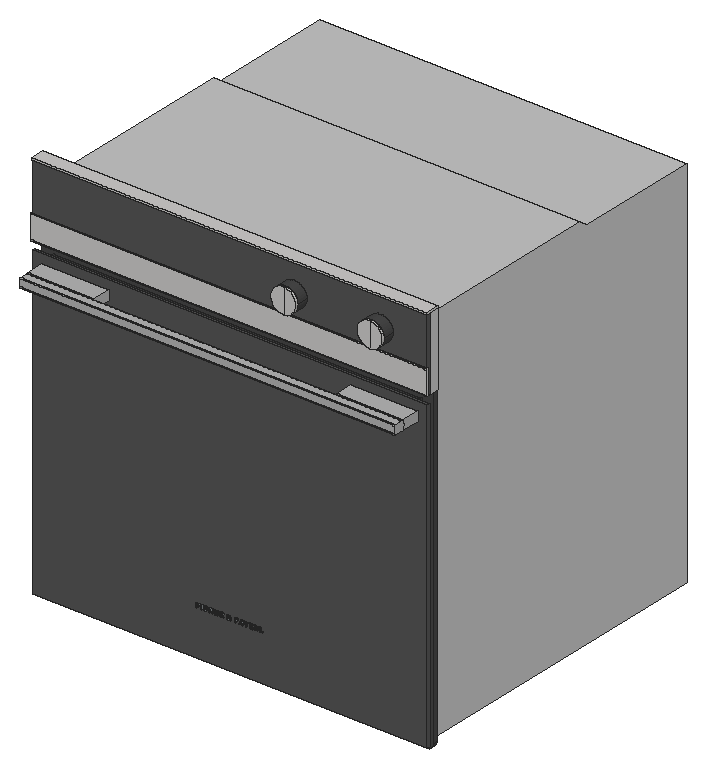
Revit family "FP-Revit18-OB60SC5CEX3-Oven-0-AU-NZ-90002660A", category Specialty Equipment, Revit 2018
Family settings
  Round Connector Dimension = Use Diameter
  Part Type = Normal
  OmniClass Number = 23.40.40.14.17.11
  OmniClass Title = Cookers, Ovens, Stoves
  Work Plane-Based = No
  Always vertical = Yes
  Cut with Voids When Loaded = Yes
  Shared = No
  Room Calculation Point = No
Parameters (values of type "OB60SC5CEX3")
  Visibility - Clearance Required = yes
  URL = "www.fisherpaykel.com"
  Product - Width = 597 mm  # constant formula
  Product - Height = 598 mm  # constant formula
  Product - Depth = 565 mm  # constant formula
  Model = "OB60SC5CEX3"
  Material - Trim = Fisher & Paykel - Stainless Steel
  Material - Structure = Fisher & Paykel - Black
  Material - Logo = Fisher & Paykel - Graphics Grey
  Material - Handle = Fisher & Paykel - Aluminium
  Material - Glass = Fisher & Paykel - Glass, Black
  Material - Buttons and Dials = Fisher & Paykel - Stainless Steel
  Material - Body = Fisher & Paykel - Grey
  Manufacturer = "Fisher & Paykel Appliances"
  FFL Offset [instance] = 200 mm
  Description = "60cm Built-In Oven"
  Connector Note - Electrical = "220-240 V, 12.3-13.3 A, 50 Hz"
  Chassis - Width = 552 mm  # constant formula
  Chassis - Height = 575 mm  # constant formula
  Chassis - Depth = 545 mm  # constant formula
  Cavity - Width = 560 mm  # constant formula
  Cavity - Height = 580 mm  # constant formula
  Cavity - Depth = 550 mm  # constant formula
Reference planes
  plane 1 "Datum": y = 0
  plane 2: z = 0
  plane 3 "Center (Left/Right)": x = 0
  plane 4 "Cavity": z = 780
  plane 5 "Product Height": z = 798
  plane 6 "Product LHS": x = -298.5
  plane 7 "Product RHS": x = 298.5
  plane 8 "Cavity LHS": x = -300
  plane 9 "Cavity RHS": x = 300
  plane 10 "Cavity - Depth": y = 550
  plane 11 "Product Depth": y = 545
  plane 12 "Front Face": y = -20
  plane 13 "FFL Offset": z = 200
  plane 14 "Cavity Height": z = 800
Forms (mm)
  Extrusion 1, solid, material "Fisher & Paykel - Grey" <- "Material - Body"
    sketch origin (0, 0, 0) x (0, 1, 0) y (0, 0, 1)
      loop
        line (0, 200) -> (525, 200) -> (525, 393.99) -> (545, 413.99) -> (545, 609.73) -> (495, 659.73) -> (495, 764.6) -> (307.721, 764.6) -> (293.958, 775) -> (0, 775) -> (0, 200)
    from -276 to 276
  Extrusion 2, void
    sketch origin (0, 0, 0) x (1, 0, 0) y (0, 1, 0)
      loop
        line (-278.5, 495) -> (-229.63, 495) -> (-179.63, 545) -> (-278.5, 545) -> (-278.5, 495)
      loop
        line (278.5, 495) -> (278.5, 545) -> (94.617, 545) -> (114.617, 525) -> (199.13, 525) -> (229.13, 495) -> (278.5, 495)
    from 200 to 764.6
  Extrusion 3, solid, material "Fisher & Paykel - Stainless Steel" <- "Material - Trim"
    sketch origin (0, 0, 0) x (0, 1, 0) y (0, 0, 1)
      loop
        line (0, 798) -> (-20.5, 798) -> (-20.5, 795.1) -> (0, 795.1) -> (0, 798)
    from -297.35 to 297.35
  Extrusion 4, solid, material "Fisher & Paykel - Grey" <- "Material - Body"
    sketch origin (0, 0, 0) x (0, 1, 0) y (0, 0, 1)
      loop
        line (-16, 795.1) -> (-16, 685.199) -> (0, 685.199) -> (0, 795.1) -> (-16, 795.1)
    from -297.35 to 297.35
  Extrusion 5, solid, material "Fisher & Paykel - Glass, Black" <- "Material - Glass"
    sketch origin (0, 0, 0) x (1, 0, 0) y (0, 0, 1)
      loop
        line (-297.25, 673.199) -> (-297.25, 210.2) -> (297.25, 210.2) -> (297.25, 673.199) -> (-297.25, 673.199)
      loop
        line (-297.35, 686.052) -> (297.35, 686.052) -> (297.35, 794.5) -> (-297.35, 794.5) -> (-297.35, 686.052)
    from 16 to 20
  Extrusion 6, solid, material "Fisher & Paykel - Black" <- "Material - Structure"
    sketch origin (0, 0, 0) x (0, 1, 0) y (0, 0, 1)
      loop
        line (-13.8, 671.699) -> (-16, 671.699) -> (-16, 212.7) -> (-5, 212.7) -> (-5, 668.496) -> (-13.8, 671.699)
    from -277 to 277
  Extrusion 7, solid, material "Fisher & Paykel - Black" <- "Material - Structure"
    sketch origin (0, 0, 0) x (1, 0, 0) y (0, 0, 1)
      loop
        line (-295.5, 685.199) -> (-295.5, 209.536)
        arc (-295.5, 209.536) -> (-292.707, 202.793) -> (-285.964, 200) r 9.536
        line (-285.964, 200) -> (286, 200)
        arc (286, 200) -> (292.718, 202.782) -> (295.5, 209.5) r 9.5
        line (295.5, 209.5) -> (295.5, 685.199) -> (-295.5, 685.199)
    from 0 to 5
  Extrusion 8, solid, material "Fisher & Paykel - Clearance Required", visible <- "Visibility - Clearance Required", detail levels coarse
    sketch origin (0, 0, 0) x (0, 1, 0) y (0, 0, 1)
      loop
        line (0, 800) -> (-20, 800) -> (-20, 673.254)
        arc (-20, 673.254) -> (-320.822, 551.394) -> (-469.99, 263.137) r 467.908
        line (-469.99, 263.137) -> (-462.266, 262.194) -> (-467.348, 220.567) -> (-449.569, 218.396) -> (-444.479, 260.086) -> (-20, 208.26) -> (-20, 200) -> (0, 200) -> (0, 800)
    from -300 to 300
  Extrusion 9, solid, material "Fisher & Paykel - Clearance Required", visible <- "Visibility - Clearance Required", detail levels coarse
    sketch origin (0, 0, 0) x (1, 0, 0) y (0, 1, 0)
      loop
        line (-280, 0) -> (280, 0) -> (280, 550) -> (-280, 550) -> (-280, 0)
    from 200 to 780
  Extrusion 10, void
    sketch origin (0, 0, 0) x (1, 0, 0) y (0, 1, 0)
      loop
        line (-300, -20) -> (300, -20) -> (300, 0) -> (-300, 0) -> (-300, -20)
    from 200 to 800
  Extrusion 11, solid, material "Fisher & Paykel - Stainless Steel" <- "Material - Trim", detail levels fine
    sketch origin (0, 0, 0) x (0, 1, 0) y (0, 0, 1)
      loop
        line (-22.25, 722.193) -> (-22.25, 687.281)
        arc (-22.25, 687.281) -> (-21.89, 686.412) -> (-21.021, 686.052) r 1.229
        line (-21.021, 686.052) -> (-20, 686.052) -> (-20, 723.356) -> (-21.087, 723.356)
        arc (-21.087, 723.356) -> (-21.909, 723.015) -> (-22.25, 722.193) r 1.163
    from -298.5 to 298.5
  Extrusion 12, void
    sketch origin (0, 0, 0) x (1, 0, 0) y (0, 1, 0)
      loop
        line (-280, 550) -> (-280, 0) -> (280, 0) -> (280, 550) -> (-280, 550)
    from 200 to 780
  Extrusion 13, solid, material "Fisher & Paykel - Black"
    sketch origin (0, 0, 0) x (1, 0, 0) y (0, 0, 1)
      loop
        circle (226.999, 752.449) r 18.791
      loop
        circle (97, 752.449) r 18.791
    from 20 to 37.3
  Revolve 14, solid, material "Fisher & Paykel - Stainless Steel" <- "Material - Buttons and Dials", detail levels fine
    sketch origin (97, 0, 0) x (0, 1, 0) y (0, 0, 1)
      loop
        line (-40.3, 752.449) -> (-37.3, 752.449) -> (-37.3, 771.24) -> (-40.3, 771.24) -> (-40.3, 752.449)
      axis (-37.3, 752.449) -> (-40.3, 752.449)
    angle from 0 to 360
  Revolve 15, solid, material "Fisher & Paykel - Stainless Steel" <- "Material - Buttons and Dials", detail levels fine
    sketch origin (226.999, 0, 0) x (0, 1, 0) y (0, 0, 1)
      loop
        line (-40.3, 752.449) -> (-37.3, 752.449) -> (-37.3, 771.24) -> (-40.3, 771.24) -> (-40.3, 752.449)
      axis (-37.3, 752.449) -> (-40.3, 752.449)
    angle from 0 to 360
  Extrusion 16, solid, material "Fisher & Paykel - Aluminium" <- "Material - Handle", detail levels fine
    sketch origin (0, -21, 652.521) x (0, 1, 0) y (0, 0, 1)
      loop
        arc (-26.813, 6.16) -> (-27.196, 6.554) -> (-27.728, 6.686) r 1
        line (-27.728, 6.686) -> (-40.035, 6.256)
        arc (-40.035, 6.256) -> (-40.719, 5.951) -> (-41, 5.257) r 1
        line (-41, 5.257) -> (-41, -5.257)
        arc (-41, -5.257) -> (-40.719, -5.951) -> (-40.035, -6.256) r 1
        line (-40.035, -6.256) -> (-27.709, -6.686)
        arc (-27.709, -6.686) -> (-27.175, -6.554) -> (-26.792, -6.158) r 1
        arc (-26.792, -6.158) -> (-25.256, 0.004) -> (-26.813, 6.16) r 13.038
    from -282.5 to 282.5
  Extrusion 17, solid, material "Fisher & Paykel - Aluminium" <- "Material - Handle", detail levels fine
    sketch origin (0, -21, 652.521) x (0, 1, 0) y (0, 0, 1)
      loop
        arc (-26.626, -6.008) -> (-26.614, -6.49) -> (-26.2, -6.737) r 0.5
        line (-26.2, -6.737) -> (1, -7.732) -> (1, 7.741) -> (-26.174, 6.747)
        arc (-26.174, 6.747) -> (-26.587, 6.5) -> (-26.6, 6.019) r 0.5
        arc (-26.6, 6.019) -> (-25.156, 0.002) -> (-26.626, -6.008) r 13.136
    from 182.5 to 282.5
  Extrusion 18, solid, material "Fisher & Paykel - Aluminium" <- "Material - Handle", detail levels coarse+medium
    sketch origin (0, -21, 652.521) x (1, 0, 0) y (0, 1, 0)
      loop
        line (-282.5, -41) -> (282.5, -41) -> (282.5, 1) -> (182.5, 1) -> (182.5, -26.156) -> (-182.5, -26.156) -> (-182.5, 1) -> (-282.5, 1) -> (-282.5, -41)
    from -8.022 to 7.978
  Extrusion 19, solid, material "Fisher & Paykel - Aluminium" <- "Material - Handle", detail levels fine
    sketch origin (0, -21, 652.521) x (0, 1, 0) y (0, 0, 1)
      loop
        arc (-26.626, -6.008) -> (-26.614, -6.49) -> (-26.2, -6.737) r 0.5
        line (-26.2, -6.737) -> (1, -7.732) -> (1, 7.741) -> (-26.174, 6.747)
        arc (-26.174, 6.747) -> (-26.587, 6.5) -> (-26.6, 6.019) r 0.5
        arc (-26.6, 6.019) -> (-25.156, 0.002) -> (-26.626, -6.008) r 13.136
    from -282.5 to -182.5
  Extrusion 20, solid, material "Fisher & Paykel - Aluminium" <- "Material - Handle", not visible, detail levels fine
    sketch origin (0, -22, 652) x (0, 1, 0) y (0, 0, 1)
      loop
        arc (-26.813, 6.16) -> (-27.196, 6.554) -> (-27.728, 6.686) r 1
        line (-27.728, 6.686) -> (-40.035, 6.256)
        arc (-40.035, 6.256) -> (-40.719, 5.951) -> (-41, 5.257) r 1
        line (-41, 5.257) -> (-41, -5.257)
        arc (-41, -5.257) -> (-40.719, -5.951) -> (-40.035, -6.256) r 1
        line (-40.035, -6.256) -> (-27.709, -6.686)
        arc (-27.709, -6.686) -> (-27.175, -6.554) -> (-26.792, -6.158) r 1
        arc (-26.792, -6.158) -> (-25.256, 0.004) -> (-26.813, 6.16) r 13.038
    from -282.5 to 282.5
  Extrusion 21, solid, material "Fisher & Paykel - Aluminium" <- "Material - Handle", not visible, detail levels fine
    sketch origin (0, -22, 652) x (0, 1, 0) y (0, 0, 1)
      loop
        arc (-26.626, -6.008) -> (-26.614, -6.49) -> (-26.2, -6.737) r 0.5
        line (-26.2, -6.737) -> (1, -7.732) -> (1, 7.741) -> (-26.174, 6.747)
        arc (-26.174, 6.747) -> (-26.587, 6.5) -> (-26.6, 6.019) r 0.5
        arc (-26.6, 6.019) -> (-25.156, 0.002) -> (-26.626, -6.008) r 13.136
    from 182.5 to 282.5
  Extrusion 22, solid, material "Fisher & Paykel - Aluminium" <- "Material - Handle", not visible, detail levels coarse+medium
    sketch origin (0, -22, 652) x (1, 0, 0) y (0, 1, 0)
      loop
        line (-282.5, -41) -> (282.5, -41) -> (282.5, 1) -> (182.5, 1) -> (182.5, -26.156) -> (-182.5, -26.156) -> (-182.5, 1) -> (-282.5, 1) -> (-282.5, -41)
    from -8.022 to 7.978
  Extrusion 23, solid, material "Fisher & Paykel - Aluminium" <- "Material - Handle", not visible, detail levels fine
    sketch origin (0, -22, 652) x (0, 1, 0) y (0, 0, 1)
      loop
        arc (-26.626, -6.008) -> (-26.614, -6.49) -> (-26.2, -6.737) r 0.5
        line (-26.2, -6.737) -> (1, -7.732) -> (1, 7.741) -> (-26.174, 6.747)
        arc (-26.174, 6.747) -> (-26.587, 6.5) -> (-26.6, 6.019) r 0.5
        arc (-26.6, 6.019) -> (-25.156, 0.002) -> (-26.626, -6.008) r 13.136
    from -282.5 to -182.5
  Extrusion 24, solid, material "Fisher & Paykel - Graphics Grey" <- "Material - Logo", detail levels fine
    sketch origin (0, -20, 278.956) x (1, 0, 0) y (0, 0, 1)
      loop
        line (-50.044, 0) -> (-48.47, 0) -> (-48.47, 2.138) -> (-46.011, 2.138) -> (-46.011, 3.472) -> (-48.47, 3.472) -> (-48.47, 4.712) -> (-45.795, 4.712) -> (-45.795, 6.04) -> (-50.044, 6.04) -> (-50.044, 0)
      loop
        line (-42.804, 6.04) -> (-42.804, 0) -> (-41.23, 0) -> (-41.23, 6.04) -> (-42.804, 6.04)
      loop
        line (-30.724, 6.04) -> (-30.724, 0) -> (-29.151, 0) -> (-29.151, 2.42) -> (-26.839, 2.42) -> (-26.839, 0) -> (-25.265, 0) -> (-25.265, 6.04) -> (-26.839, 6.04) -> (-26.839, 3.748) -> (-29.151, 3.748) -> (-29.151, 6.04) -> (-30.724, 6.04)
      loop
        line (-21.906, 6.04) -> (-21.906, 0) -> (-17.602, 0) -> (-17.602, 1.328) -> (-20.347, 1.328) -> (-20.347, 2.42) -> (-17.838, 2.42) -> (-17.838, 3.748) -> (-20.347, 3.748) -> (-20.347, 4.712) -> (-17.602, 4.712) -> (-17.602, 6.04) -> (-21.906, 6.04)
      loop
        line (45.667, 6.04) -> (45.667, 0) -> (49.956, 0) -> (49.956, 1.328) -> (47.241, 1.328) -> (47.241, 6.04) -> (45.667, 6.04)
      loop
        line (42.431, 6.04) -> (38.112, 6.04) -> (38.112, 0) -> (42.431, 0) -> (42.431, 1.328) -> (39.687, 1.328) -> (39.687, 2.42) -> (42.195, 2.42) -> (42.195, 3.748) -> (39.687, 3.748) -> (39.687, 4.712) -> (42.431, 4.712) -> (42.431, 6.04)
      loop
        line (33.451, 3.148) -> (35.683, 6.04) -> (33.844, 6.04) -> (31.915, 3.542) -> (31.915, 6.04) -> (30.342, 6.04) -> (30.342, 0) -> (31.915, 0) -> (31.915, 2.705) -> (33.903, 0) -> (35.763, 0) -> (33.451, 3.148)
      loop
        line (21.98, 6.04) -> (24.262, 2.42) -> (24.262, 0) -> (25.837, 0) -> (25.837, 2.341) -> (28.119, 6.04) -> (26.446, 6.04) -> (25.099, 3.707) -> (23.753, 6.04) -> (21.98, 6.04)
      loop
        line (18.479, 6.04) -> (16.983, 6.04) -> (14.524, 0) -> (16.069, 0) -> (16.501, 1.112) -> (18.921, 1.112) -> (19.354, 0) -> (20.938, 0) -> (18.479, 6.04)
      loop
        line (18.4, 2.439) -> (17.693, 4.174) -> (17.018, 2.439) -> (18.4, 2.439)
      loop
        line (8.031, 6.04) -> (8.031, 0) -> (9.605, 0) -> (9.605, 1.938) -> (10.599, 1.938)
        arc (10.599, 1.938) -> (12.65, 3.989) -> (10.599, 6.04) r 2.051
        line (10.599, 6.04) -> (8.031, 6.04)
      loop
        line (9.605, 4.712) -> (9.605, 3.197) -> (10.501, 3.197)
        arc (10.501, 3.197) -> (11.259, 3.954) -> (10.501, 4.712) r 0.757
        line (10.501, 4.712) -> (9.605, 4.712)
      loop
        line (-11.783, 6.04) -> (-14.366, 6.04) -> (-14.366, 0) -> (-12.792, 0) -> (-12.792, 1.336) -> (-11.992, 1.336) -> (-10.972, 0) -> (-9.153, 0) -> (-10.694, 1.973)
        arc (-10.694, 1.973) -> (-9.678, 4.424) -> (-11.783, 6.04) r 2.179
      loop
        line (-11.897, 4.712) -> (-12.792, 4.712) -> (-12.792, 3.053) -> (-11.897, 3.053)
        arc (-11.897, 3.053) -> (-11.068, 3.882) -> (-11.897, 4.712) r 0.83
      loop
        line (0.477, 4.712) -> (0.477, 6.153) -> (-3.575, 6.153) -> (-3.575, 4.851) -> (-2.974, 4.112)
        arc (-2.974, 4.112) -> (-3.51, 0.684) -> (-0.045, 0.512) r 2.334
        line (-0.045, 0.512) -> (0.46, -0.109) -> (2.246, -0.109) -> (0.86, 1.594) -> (2.061, 3.324) -> (0.443, 3.324) -> (-0.013, 2.667) -> (-1.677, 4.712) -> (0.477, 4.712)
      loop
        arc (-2.125, 3.068) -> (-2.269, 1.668) -> (-0.868, 1.524) r 0.996
        line (-0.868, 1.524) -> (-2.125, 3.068)
      loop
        line (-35.18, 3.634) -> (-36.516, 3.91)
        arc (-36.516, 3.91) -> (-37.049, 4.443) -> (-36.516, 4.976) r 0.533
        arc (-36.516, 4.976) -> (-35.235, 4.79) -> (-34.059, 4.248) r 4.505
        line (-34.059, 4.248) -> (-34.059, 5.743)
        arc (-34.059, 5.743) -> (-35.549, 6.179) -> (-37.1, 6.109) r 4.726
        arc (-37.1, 6.109) -> (-38.536, 4.335) -> (-37.1, 2.561) r 1.814
        line (-37.1, 2.561) -> (-35.754, 2.282)
        arc (-35.754, 2.282) -> (-35.221, 1.749) -> (-35.754, 1.216) r 0.533
        arc (-35.754, 1.216) -> (-37.035, 1.402) -> (-38.211, 1.945) r 4.505
        line (-38.211, 1.945) -> (-38.211, 0.449)
        arc (-38.211, 0.449) -> (-36.72, 0.013) -> (-35.169, 0.083) r 4.726
        arc (-35.169, 0.083) -> (-33.734, 1.863) -> (-35.18, 3.634) r 1.814
    from 0 to 0.8
  Extrusion 25, solid, material "Fisher & Paykel - Grey" <- "Material - Body"
    sketch origin (154.861, 0, 0) x (0, 1, 0) y (0, 0, 1)
      loop
        circle (504.5, 703) r 4
    from -410 to -372.861
  Extrusion 26, solid, material "Fisher & Paykel - Grey" <- "Material - Body"
    sketch origin (154.861, 0, 0) x (0, 1, 0) y (0, 0, 1)
      loop
        line (495, 683) -> (514, 683) -> (514, 736) -> (495, 736) -> (495, 683)
    from -372.861 to -289.861
Cuts and joins
  Extrusion 2 cuts Extrusion 1
Lines and regions (mm)
  model lines, style "Fisher & Paykel"
    curve 1: line (217.5, -20, 334) -> (-217.5, -20, 334)
    curve 2: line (217.5, -20, 617.236) -> (217.5, -20, 334)
    curve 3: line (-217.5, -20, 617.236) -> (217.5, -20, 617.236)
    curve 4: line (-217.5, -20, 334) -> (-217.5, -20, 617.236)
Text (mm)
  text "Due to ongoing product development, product details are subject to change without notice. \nPlease always refer to www.fisherpaykel.com for the most current product information. \n© Fisher & Paykel 2020" at (40.64, -604.808, 0), in view "Ref. Level (Plan)"
Dimensions and locks
  equal spacing: plane 6 "Product LHS", plane 3 "Center (Left/Right)", plane 7 "Product RHS"
  "Product - Width": plane 6 "Product LHS" to plane 7 "Product RHS"
  equal spacing: plane 8 "Cavity LHS", plane 3 "Center (Left/Right)", plane 9 "Cavity RHS"
  "Cavity - Depth": plane 10 "Cavity - Depth" to plane 1 "Datum"
  "Chassis - Depth": plane 11 "Product Depth" to plane 1 "Datum"
  plane 12 "Front Face" to plane 1 "Datum" = 20 mm
  "Product - Depth": plane 11 "Product Depth" to plane 12 "Front Face"
  "FFL Offset": plane 13 "FFL Offset" to level
  "Product - Height": plane 5 "Product Height" to plane 13 "FFL Offset"
  "Cavity - Height": plane 4 "Cavity" to plane 13 "FFL Offset"
  Extrusion 5 to plane 13 "FFL Offset" = 10.2 mm
  Extrusion 6 to plane 13 "FFL Offset" = 12.7 mm
  locked: plane 5 "Product Height" to cut or joined group of Extrusion 1, Extrusion 2 at 33.4
  locked: Extrusion 8 sketch curve to plane 13 "FFL Offset" at 473.254
  locked: Extrusion 8 sketch curve to Extrusion 8 sketch curve at 42
  locked: Extrusion 8 sketch curve to Extrusion 8 sketch curve at 427.631
  locked: plane 14 "Cavity Height" to plane 13 "FFL Offset" at 600
  locked: Extrusion 18 to plane 13 "FFL Offset" at 460.499
  locked: Extrusion 24 to plane 13 "FFL Offset" at 78.847
  equal spacing: Extrusion 9, plane 3 "Center (Left/Right)", Extrusion 9
  "Cavity - Width": Extrusion 9 to Extrusion 9
  equal spacing: cut or joined group of Extrusion 1, Extrusion 2, plane 3 "Center (Left/Right)", cut or joined group of Extrusion 1, Extrusion 2
  "Chassis - Width": cut or joined group of Extrusion 1, Extrusion 2 to cut or joined group of Extrusion 1, Extrusion 2
  aligned and locked: level to plane 2
  aligned and locked: plane 8 "Cavity LHS" to Extrusion 8
  aligned and locked: Extrusion 8 to plane 9 "Cavity RHS"
  aligned and locked: Extrusion 1 sketch curve to plane 13 "FFL Offset"
  aligned and locked: Extrusion 1 to Extrusion 2
  aligned and locked: Extrusion 2 to Extrusion 1
  aligned and locked: plane 13 "FFL Offset" to Extrusion 8 sketch curve
  aligned and locked: plane 13 "FFL Offset" to Extrusion 7 sketch curve
  aligned and locked: Extrusion 12 to cut or joined group of Extrusion 1, Extrusion 2
  aligned and locked: plane 4 "Cavity" to Extrusion 12
  aligned and locked: plane 4 "Cavity" to Extrusion 9
  aligned and locked: Extrusion 9 to cut or joined group of Extrusion 1, Extrusion 2
  aligned and locked: Extrusion 10 to cut or joined group of Extrusion 1, Extrusion 2
  aligned and locked: Extrusion 10 to Extrusion 7
  aligned and locked: Extrusion 10 to Extrusion 8
  aligned and locked: plane 14 "Cavity Height" to Extrusion 10
  aligned and locked: Extrusion 12 to Extrusion 9  (x2)
Automatic sketch dimensions
  Extrusion 1 sketch curve to plane 1 "Datum" = 0 mm
  Extrusion 1 sketch curve to plane 11 "Product Depth" = 0 mm
  Extrusion 1 sketch curve to plane 4 "Cavity" = 5 mm
  Extrusion 1 sketch curve to plane 11 "Product Depth" = 251.042 mm
  Extrusion 1 sketch curve to Extrusion 1 sketch curve = 13.762 mm
  Extrusion 1 sketch curve to plane 4 "Cavity" = 15.4 mm
  Extrusion 1 sketch curve to plane 11 "Product Depth" = 50 mm
  Extrusion 1 sketch curve to plane 11 "Product Depth" = 20 mm
  Extrusion 1 sketch curve to Extrusion 1 sketch curve = 193.99 mm
  Extrusion 1 sketch curve to Extrusion 1 sketch curve = 20 mm
  Extrusion 1 sketch curve to Extrusion 1 sketch curve = 154.87 mm
  Extrusion 1 sketch curve to Extrusion 1 sketch curve = 50 mm
  Extrusion 2 sketch curve to plane 11 "Product Depth" = 0 mm  (x2)
  Extrusion 2 sketch curve to plane 6 "Product LHS" = 20 mm
  Extrusion 2 sketch curve to Extrusion 2 sketch curve = 48.87 mm
  Extrusion 2 sketch curve to Extrusion 2 sketch curve = 50 mm  (x3)
  plane 3 "Center (Left/Right)" to Extrusion 2 sketch curve = 94.617 mm
  Extrusion 2 sketch curve to Extrusion 2 sketch curve = 20 mm
  Extrusion 2 sketch curve to plane 11 "Product Depth" = 20 mm
  Extrusion 2 sketch curve to Extrusion 2 sketch curve = 84.513 mm
  Extrusion 2 sketch curve to Extrusion 2 sketch curve = 30 mm
  plane 7 "Product RHS" to Extrusion 2 sketch curve = 20 mm
  Extrusion 3 sketch curve to plane 1 "Datum" = 0 mm
  Extrusion 3 sketch curve to plane 12 "Front Face" = 0.5 mm
  Extrusion 3 sketch curve to plane 5 "Product Height" = 2.9 mm
  plane 5 "Product Height" to Extrusion 3 sketch curve = 0 mm
  Extrusion 4 sketch curve to plane 1 "Datum" = 0 mm
  plane 12 "Front Face" to Extrusion 4 sketch curve = 4 mm
  Extrusion 4 sketch curve to plane 4 "Cavity" = 94.801 mm
  Extrusion 4 sketch curve to plane 5 "Product Height" = 2.9 mm
  Extrusion 5 sketch curve to plane 6 "Product LHS" = 1.25 mm
  Extrusion 5 sketch curve to plane 6 "Product LHS" = 1.15 mm
  plane 7 "Product RHS" to Extrusion 5 sketch curve = 1.15 mm
  plane 7 "Product RHS" to Extrusion 5 sketch curve = 1.25 mm
  plane 13 "FFL Offset" to Extrusion 5 sketch curve = 10.2 mm
  Extrusion 5 sketch curve to plane 4 "Cavity" = 106.801 mm
  Extrusion 5 sketch curve to Extrusion 5 sketch curve = 12.853 mm
  Extrusion 5 sketch curve to plane 5 "Product Height" = 3.5 mm
  plane 12 "Front Face" to Extrusion 6 sketch curve = 4 mm
  Extrusion 6 sketch curve to Extrusion 6 sketch curve = 2.2 mm
  plane 1 "Datum" to Extrusion 6 sketch curve = 5 mm
  plane 13 "FFL Offset" to Extrusion 6 sketch curve = 12.7 mm
  Extrusion 6 sketch curve to plane 4 "Cavity" = 111.504 mm
  Extrusion 6 sketch curve to Extrusion 6 sketch curve = 3.203 mm
  Extrusion 7 sketch curve to plane 6 "Product LHS" = 3 mm
  Extrusion 7 sketch curve to Extrusion 7 sketch curve = 9.536 mm
  plane 7 "Product RHS" to Extrusion 7 sketch curve = 12.5 mm
  plane 7 "Product RHS" to Extrusion 7 sketch curve = 3 mm
  Extrusion 7 sketch curve to plane 4 "Cavity" = 94.801 mm
  Extrusion 9 sketch curve to plane 10 "Cavity - Depth" = 0 mm
  plane 1 "Datum" to Extrusion 9 sketch curve = 0 mm
  Extrusion 9 sketch curve to plane 6 "Product LHS" = 18.5 mm
  plane 7 "Product RHS" to Extrusion 9 sketch curve = 18.5 mm
  plane 1 "Datum" to Extrusion 10 sketch curve = 0 mm
  Extrusion 10 sketch curve to plane 8 "Cavity LHS" = 0 mm
  Extrusion 10 sketch curve to plane 9 "Cavity RHS" = 0 mm
  Extrusion 10 sketch curve to plane 12 "Front Face" = 0 mm
  Extrusion 11 sketch curve to plane 12 "Front Face" = 0 mm
  Extrusion 11 sketch curve to Extrusion 11 sketch curve = 1.021 mm
  Extrusion 11 sketch curve to plane 12 "Front Face" = 1.087 mm
  Extrusion 11 sketch curve to Extrusion 11 sketch curve = 1.229 mm
  Extrusion 11 sketch curve to plane 4 "Cavity" = 93.948 mm
  Extrusion 11 sketch curve to Extrusion 11 sketch curve = 34.912 mm
  plane 1 "Datum" to Extrusion 12 sketch curve = 0 mm
  Extrusion 12 sketch curve to plane 10 "Cavity - Depth" = 0 mm
  Extrusion 12 sketch curve to plane 6 "Product LHS" = 18.5 mm
  plane 7 "Product RHS" to Extrusion 12 sketch curve = 18.5 mm
  Revolve 14 sketch curve to plane 12 "Front Face" = 20.3 mm
  Revolve 14 sketch curve to Revolve 14 sketch curve = 3 mm
  Revolve 14 sketch curve to plane 4 "Cavity" = 27.551 mm
  Revolve 14 sketch curve to plane 4 "Cavity" = 8.76 mm
  Revolve 14 sketch curve to Revolve 14 sketch curve = 6.8 mm
  Revolve 14 sketch curve to Revolve 14 sketch curve = 3.2 mm
  Revolve 14 sketch curve to Revolve 14 sketch curve = 0 mm
  Revolve 15 sketch curve to plane 12 "Front Face" = 20.3 mm
  Revolve 15 sketch curve to Revolve 15 sketch curve = 3 mm
  Revolve 15 sketch curve to plane 4 "Cavity" = 27.551 mm
  Revolve 15 sketch curve to plane 4 "Cavity" = 8.76 mm
  Revolve 15 sketch curve to Revolve 15 sketch curve = 6.8 mm
  Revolve 15 sketch curve to Revolve 15 sketch curve = 3.2 mm
  Revolve 15 sketch curve to Revolve 15 sketch curve = 0 mm
  Extrusion 16 sketch curve to Extrusion 16 sketch curve = 0.965 mm  (x2)
  Extrusion 16 sketch curve to Extrusion 16 sketch curve = 0.035 mm  (x4)
  Extrusion 16 sketch curve to Extrusion 16 sketch curve = 1.706 mm
  Extrusion 16 sketch curve to Extrusion 16 sketch curve = 12.307 mm
  Extrusion 16 sketch curve to Extrusion 16 sketch curve = 12.326 mm
  Extrusion 16 sketch curve to Extrusion 16 sketch curve = 0.999 mm  (x2)
  Extrusion 16 sketch curve to Extrusion 16 sketch curve = 5.238 mm
  Extrusion 16 sketch curve to Extrusion 16 sketch curve = 0 mm
  Extrusion 17 sketch curve to Extrusion 17 sketch curve = 12.091 mm
  Extrusion 17 sketch curve to Extrusion 17 sketch curve = 0.018 mm  (x2)
  Extrusion 17 sketch curve to Extrusion 17 sketch curve = 0.008 mm
  Extrusion 17 sketch curve to Extrusion 17 sketch curve = 27.174 mm
  Extrusion 17 sketch curve to Extrusion 17 sketch curve = 15.473 mm
  Extrusion 17 sketch curve to Extrusion 17 sketch curve = 0.5 mm  (x2)
  Extrusion 17 sketch curve to Extrusion 17 sketch curve = 0 mm
  Extrusion 18 sketch curve to Extrusion 18 sketch curve = 14.844 mm
  Extrusion 18 sketch curve to Extrusion 18 sketch curve = 27.156 mm  (x2)
  Extrusion 19 sketch curve to Extrusion 19 sketch curve = 12.091 mm
  Extrusion 19 sketch curve to Extrusion 19 sketch curve = 0.018 mm  (x2)
  Extrusion 19 sketch curve to Extrusion 19 sketch curve = 0.008 mm
  Extrusion 19 sketch curve to Extrusion 19 sketch curve = 27.174 mm
  Extrusion 19 sketch curve to Extrusion 19 sketch curve = 15.473 mm
  Extrusion 19 sketch curve to Extrusion 19 sketch curve = 0.5 mm  (x2)
  Extrusion 19 sketch curve to Extrusion 19 sketch curve = 0 mm
  Extrusion 16 sketch curve to Extrusion 16 sketch curve = 0.43 mm
  Extrusion 16 sketch curve to Extrusion 16 sketch curve = 5.275 mm
  Extrusion 16 sketch curve to Extrusion 16 sketch curve = 11.374 mm
  Extrusion 17 sketch curve to Extrusion 17 sketch curve = 0.995 mm
  Extrusion 17 sketch curve to Extrusion 17 sketch curve = 6.268 mm
  Extrusion 17 sketch curve to Extrusion 17 sketch curve = 12.255 mm
  Extrusion 18 sketch curve to Extrusion 18 sketch curve = 100 mm  (x2)
  Extrusion 18 sketch curve to Extrusion 18 sketch curve = 365 mm
  Extrusion 19 sketch curve to Extrusion 19 sketch curve = 0.995 mm
  Extrusion 19 sketch curve to Extrusion 19 sketch curve = 6.268 mm
  Extrusion 19 sketch curve to Extrusion 19 sketch curve = 12.255 mm
  Extrusion 20 sketch curve to Extrusion 20 sketch curve = 0.965 mm  (x2)
  Extrusion 20 sketch curve to Extrusion 20 sketch curve = 0.035 mm  (x4)
  Extrusion 20 sketch curve to Extrusion 20 sketch curve = 1.706 mm
  Extrusion 20 sketch curve to Extrusion 20 sketch curve = 12.307 mm
  Extrusion 20 sketch curve to Extrusion 20 sketch curve = 12.326 mm
  Extrusion 20 sketch curve to Extrusion 20 sketch curve = 0.999 mm  (x2)
  Extrusion 20 sketch curve to Extrusion 20 sketch curve = 5.238 mm
  Extrusion 20 sketch curve to Extrusion 20 sketch curve = 0 mm
  Extrusion 21 sketch curve to Extrusion 21 sketch curve = 12.091 mm
  Extrusion 21 sketch curve to Extrusion 21 sketch curve = 0.018 mm  (x2)
  Extrusion 21 sketch curve to Extrusion 21 sketch curve = 0.008 mm
  Extrusion 21 sketch curve to Extrusion 21 sketch curve = 27.174 mm
  Extrusion 21 sketch curve to Extrusion 21 sketch curve = 15.473 mm
  Extrusion 21 sketch curve to Extrusion 21 sketch curve = 0.5 mm  (x2)
  Extrusion 21 sketch curve to Extrusion 21 sketch curve = 0 mm
  Extrusion 22 sketch curve to Extrusion 22 sketch curve = 14.844 mm
  Extrusion 22 sketch curve to Extrusion 22 sketch curve = 27.156 mm  (x2)
  Extrusion 23 sketch curve to Extrusion 23 sketch curve = 12.091 mm
  Extrusion 23 sketch curve to Extrusion 23 sketch curve = 0.018 mm  (x2)
  Extrusion 23 sketch curve to Extrusion 23 sketch curve = 0.008 mm
  Extrusion 23 sketch curve to Extrusion 23 sketch curve = 27.174 mm
  Extrusion 23 sketch curve to Extrusion 23 sketch curve = 15.473 mm
  Extrusion 23 sketch curve to Extrusion 23 sketch curve = 0.5 mm  (x2)
  Extrusion 23 sketch curve to Extrusion 23 sketch curve = 0 mm
  Extrusion 20 sketch curve to Extrusion 20 sketch curve = 0.43 mm
  Extrusion 20 sketch curve to Extrusion 20 sketch curve = 5.275 mm
  Extrusion 20 sketch curve to Extrusion 20 sketch curve = 11.374 mm
  Extrusion 21 sketch curve to Extrusion 21 sketch curve = 0.995 mm
  Extrusion 21 sketch curve to Extrusion 21 sketch curve = 6.268 mm
  Extrusion 21 sketch curve to Extrusion 21 sketch curve = 12.255 mm
  Extrusion 22 sketch curve to Extrusion 22 sketch curve = 100 mm  (x2)
  Extrusion 22 sketch curve to Extrusion 22 sketch curve = 365 mm
  Extrusion 23 sketch curve to Extrusion 23 sketch curve = 0.995 mm
  Extrusion 23 sketch curve to Extrusion 23 sketch curve = 6.268 mm
  Extrusion 23 sketch curve to Extrusion 23 sketch curve = 12.255 mm
  Extrusion 24 sketch curve to plane 6 "Product LHS" = 248.456 mm
  Extrusion 24 sketch curve to Extrusion 24 sketch curve = 1.574 mm  (x12)
  Extrusion 24 sketch curve to Extrusion 24 sketch curve = 2.459 mm
  Extrusion 24 sketch curve to Extrusion 24 sketch curve = 0.216 mm
  Extrusion 24 sketch curve to Extrusion 24 sketch curve = 3.207 mm
  Extrusion 24 sketch curve to Extrusion 24 sketch curve = 3.02 mm
  plane 13 "FFL Offset" to Extrusion 24 sketch curve = 81.516 mm
  Extrusion 24 sketch curve to Extrusion 24 sketch curve = 1.11 mm
  Extrusion 24 sketch curve to Extrusion 24 sketch curve = 0.379 mm
  Extrusion 24 sketch curve to Extrusion 24 sketch curve = 0.206 mm  (x2)
  Extrusion 24 sketch curve to Extrusion 24 sketch curve = 0.36 mm  (x2)
  Extrusion 24 sketch curve to Extrusion 24 sketch curve = 0.402 mm
  plane 13 "FFL Offset" to Extrusion 24 sketch curve = 81.238 mm
  Extrusion 24 sketch curve to Extrusion 24 sketch curve = 0 mm  (x19)
  plane 13 "FFL Offset" to Extrusion 24 sketch curve = 82.59 mm
  Extrusion 24 sketch curve to Extrusion 24 sketch curve = 1.335 mm  (x2)
  Extrusion 24 sketch curve to Extrusion 24 sketch curve = 1.121 mm
  Extrusion 24 sketch curve to Extrusion 24 sketch curve = 3.335 mm
  Extrusion 24 sketch curve to Extrusion 24 sketch curve = 2.312 mm  (x2)
  Extrusion 24 sketch curve to Extrusion 24 sketch curve = 3.359 mm
  Extrusion 24 sketch curve to Extrusion 24 sketch curve = 1.559 mm
  Extrusion 24 sketch curve to Extrusion 24 sketch curve = 2.508 mm  (x2)
  Extrusion 24 sketch curve to Extrusion 24 sketch curve = 0.236 mm  (x4)
  Extrusion 24 sketch curve to Extrusion 24 sketch curve = 3.236 mm  (x2)
  Extrusion 24 sketch curve to Extrusion 24 sketch curve = 0.8 mm
  Extrusion 24 sketch curve to Extrusion 24 sketch curve = 0.895 mm
  Extrusion 24 sketch curve to Extrusion 24 sketch curve = 0.114 mm
  Extrusion 24 sketch curve to Extrusion 24 sketch curve = 1.02 mm
  plane 13 "FFL Offset" to Extrusion 24 sketch curve = 80.929 mm
  Extrusion 24 sketch curve to Extrusion 24 sketch curve = 1.298 mm
  Extrusion 24 sketch curve to Extrusion 24 sketch curve = 1.82 mm
  Extrusion 24 sketch curve to Extrusion 24 sketch curve = 8.207 mm
  plane 13 "FFL Offset" to Extrusion 24 sketch curve = 83.067 mm
  Extrusion 24 sketch curve to Extrusion 24 sketch curve = 0.602 mm
  plane 13 "FFL Offset" to Extrusion 24 sketch curve = 82.024 mm
  Extrusion 24 sketch curve to Extrusion 24 sketch curve = 0.849 mm
  Extrusion 24 sketch curve to Extrusion 24 sketch curve = 0.425 mm
  Extrusion 24 sketch curve to Extrusion 24 sketch curve = 1.297 mm
  Extrusion 24 sketch curve to Extrusion 24 sketch curve = 0.203 mm
  plane 13 "FFL Offset" to Extrusion 24 sketch curve = 80.48 mm
  Extrusion 24 sketch curve to Extrusion 24 sketch curve = 0.628 mm
  plane 13 "FFL Offset" to Extrusion 24 sketch curve = 79.467 mm
  Extrusion 24 sketch curve to Extrusion 24 sketch curve = 0.824 mm
  plane 13 "FFL Offset" to Extrusion 24 sketch curve = 81.623 mm
  Extrusion 24 sketch curve to Extrusion 24 sketch curve = 0.855 mm
  plane 13 "FFL Offset" to Extrusion 24 sketch curve = 82.28 mm
  Extrusion 24 sketch curve to Extrusion 24 sketch curve = 0.456 mm
  Extrusion 24 sketch curve to Extrusion 24 sketch curve = 0.505 mm
  Extrusion 24 sketch curve to Extrusion 24 sketch curve = 0.034 mm  (x2)
  plane 13 "FFL Offset" to Extrusion 24 sketch curve = 80.55 mm
  Extrusion 24 sketch curve to Extrusion 24 sketch curve = 0.873 mm
  Extrusion 24 sketch curve to Extrusion 24 sketch curve = 1.618 mm
  plane 13 "FFL Offset" to Extrusion 24 sketch curve = 78.847 mm
  Extrusion 24 sketch curve to Extrusion 24 sketch curve = 1.785 mm
  Extrusion 24 sketch curve to Extrusion 24 sketch curve = 5.971 mm
  Extrusion 24 sketch curve to Extrusion 24 sketch curve = 0.896 mm
  Extrusion 24 sketch curve to Extrusion 24 sketch curve = 0.994 mm
  Extrusion 24 sketch curve to Extrusion 24 sketch curve = 3.925 mm
  Extrusion 24 sketch curve to Extrusion 24 sketch curve = 1.545 mm
  Extrusion 24 sketch curve to Extrusion 24 sketch curve = 0.433 mm  (x2)
  Extrusion 24 sketch curve to Extrusion 24 sketch curve = 0.482 mm
  Extrusion 24 sketch curve to Extrusion 24 sketch curve = 0.517 mm
  plane 13 "FFL Offset" to Extrusion 24 sketch curve = 83.13 mm
  Extrusion 24 sketch curve to Extrusion 24 sketch curve = 0.675 mm
  Extrusion 24 sketch curve to Extrusion 24 sketch curve = 1.381 mm
  plane 13 "FFL Offset" to Extrusion 24 sketch curve = 84.996 mm
  Extrusion 24 sketch curve to Extrusion 24 sketch curve = 1.495 mm
  Extrusion 24 sketch curve to Extrusion 24 sketch curve = 0.522 mm
  Extrusion 24 sketch curve to Extrusion 24 sketch curve = 1.584 mm
  Extrusion 24 sketch curve to Extrusion 24 sketch curve = 3.502 mm
  Extrusion 24 sketch curve to Extrusion 24 sketch curve = 1.772 mm
  Extrusion 24 sketch curve to Extrusion 24 sketch curve = 0.51 mm
  Extrusion 24 sketch curve to Extrusion 24 sketch curve = 0.837 mm
  Extrusion 24 sketch curve to Extrusion 24 sketch curve = 0.737 mm
  Extrusion 24 sketch curve to Extrusion 24 sketch curve = 2.694 mm
  Extrusion 24 sketch curve to Extrusion 24 sketch curve = 1.673 mm
  Extrusion 24 sketch curve to Extrusion 24 sketch curve = 2.223 mm
  Extrusion 24 sketch curve to Extrusion 24 sketch curve = 1.535 mm
  Extrusion 24 sketch curve to Extrusion 24 sketch curve = 1.928 mm
  Extrusion 24 sketch curve to Extrusion 24 sketch curve = 1.987 mm
  Extrusion 24 sketch curve to Extrusion 24 sketch curve = 1.839 mm
  Extrusion 24 sketch curve to Extrusion 24 sketch curve = 1.86 mm
  Extrusion 24 sketch curve to Extrusion 24 sketch curve = 2.429 mm
  Extrusion 24 sketch curve to Extrusion 24 sketch curve = 2.715 mm
  Extrusion 24 sketch curve to Extrusion 24 sketch curve = 2.561 mm
  Extrusion 24 sketch curve to Extrusion 24 sketch curve = 1.973 mm
  Extrusion 24 sketch curve to Extrusion 24 sketch curve = 0.109 mm  (x3)
  Extrusion 24 sketch curve to Extrusion 24 sketch curve = 4.174 mm
  Extrusion 24 sketch curve to Extrusion 24 sketch curve = 2.282 mm
  Extrusion 24 sketch curve to Extrusion 24 sketch curve = 2.111 mm
  Extrusion 24 sketch curve to Extrusion 24 sketch curve = 0.023 mm
  Extrusion 24 sketch curve to Extrusion 24 sketch curve = 1.112 mm
  Extrusion 24 sketch curve to Extrusion 24 sketch curve = 1.328 mm  (x10)
  Extrusion 24 sketch curve to Extrusion 24 sketch curve = 0.637 mm
  Extrusion 24 sketch curve to Extrusion 24 sketch curve = 0.795 mm
  Extrusion 24 sketch curve to Extrusion 24 sketch curve = 0.262 mm  (x2)
  Extrusion 24 sketch curve to Extrusion 24 sketch curve = 1.938 mm
  Extrusion 24 sketch curve to Extrusion 24 sketch curve = 0.616 mm
  Extrusion 24 sketch curve to Extrusion 24 sketch curve = 2.138 mm
  Extrusion 24 sketch curve to Extrusion 24 sketch curve = 2.341 mm
  Extrusion 24 sketch curve to Extrusion 24 sketch curve = 1.092 mm  (x2)
  Extrusion 24 sketch curve to Extrusion 24 sketch curve = 2.42 mm
  Extrusion 24 sketch curve to Extrusion 24 sketch curve = 0.079 mm
  Extrusion 24 sketch curve to Extrusion 24 sketch curve = 2.705 mm
  Extrusion 24 sketch curve to Extrusion 24 sketch curve = 1.716 mm
  Extrusion 24 sketch curve to Extrusion 24 sketch curve = 0.442 mm
  Extrusion 24 sketch curve to Extrusion 24 sketch curve = 1.259 mm
  Extrusion 24 sketch curve to Extrusion 24 sketch curve = 0.836 mm
  Extrusion 24 sketch curve to Extrusion 24 sketch curve = 1.287 mm
  Extrusion 24 sketch curve to Extrusion 24 sketch curve = 0.808 mm
  Extrusion 24 sketch curve to Extrusion 24 sketch curve = 0.022 mm
  Extrusion 24 sketch curve to Extrusion 24 sketch curve = 0.276 mm
  Extrusion 24 sketch curve to Extrusion 24 sketch curve = 0.757 mm
  Extrusion 24 sketch curve to Extrusion 24 sketch curve = 0.614 mm
  Extrusion 24 sketch curve to Extrusion 24 sketch curve = 0.424 mm
  Extrusion 24 sketch curve to Extrusion 24 sketch curve = 0.6 mm
  Extrusion 24 sketch curve to Extrusion 24 sketch curve = 0.964 mm  (x2)
  Extrusion 24 sketch curve to Extrusion 24 sketch curve = 1.24 mm
  Extrusion 24 sketch curve to Extrusion 24 sketch curve = 0.739 mm
  Extrusion 24 sketch curve to Extrusion 24 sketch curve = 0.744 mm
  Extrusion 24 sketch curve to Extrusion 24 sketch curve = 1.496 mm
  Extrusion 24 sketch curve to Extrusion 24 sketch curve = 2.292 mm  (x2)
  Extrusion 24 sketch curve to Extrusion 24 sketch curve = 2.892 mm
  Extrusion 24 sketch curve to Extrusion 24 sketch curve = 2.498 mm
  Extrusion 24 sketch curve to Extrusion 24 sketch curve = 1.302 mm
  Extrusion 13 sketch curve to plane 4 "Cavity" = 27.551 mm  (x2)
  plane 3 "Center (Left/Right)" to Extrusion 13 sketch curve = 97 mm
  plane 7 "Product RHS" to Extrusion 13 sketch curve = 71.501 mm
  Extrusion 25 sketch curve to plane 11 "Product Depth" = 40.5 mm
  Extrusion 25 sketch curve to plane 4 "Cavity" = 77 mm
  Extrusion 26 sketch curve to plane 11 "Product Depth" = 50 mm
  Extrusion 26 sketch curve to Extrusion 26 sketch curve = 19 mm
  Extrusion 26 sketch curve to plane 4 "Cavity" = 97 mm
  Extrusion 26 sketch curve to plane 4 "Cavity" = 44 mm
  plane 13 "FFL Offset" to curve 1 = 134 mm
  plane 7 "Product RHS" to curve 3 = 81 mm
  curve 3 to plane 4 "Cavity" = 162.764 mm
  curve 4 to plane 6 "Product LHS" = 81 mm
  Extrusion 8 sketch curve to plane 12 "Front Face" = 0 mm  (x2)
  Extrusion 8 sketch curve to plane 1 "Datum" = 0 mm
  Extrusion 8 sketch curve to plane 14 "Cavity Height" = 0 mm
  plane 13 "FFL Offset" to Extrusion 8 sketch curve = 60.086 mm
  Extrusion 8 sketch curve to Extrusion 8 sketch curve = 424.479 mm
  plane 13 "FFL Offset" to Extrusion 8 sketch curve = 62.194 mm
  Extrusion 8 sketch curve to Extrusion 8 sketch curve = 17.787 mm
  plane 13 "FFL Offset" to Extrusion 8 sketch curve = 63.137 mm
  plane 13 "FFL Offset" to Extrusion 8 sketch curve = 5.566 mm
  radius of Extrusion 13 sketch curve = 18.791 mm  (x2)
  radius of Extrusion 25 sketch curve = 4 mm
Connectors
  electrical at (-255.139, 504.5, 703), driven by "Connector Note - Electrical"
    settings: on Extrusion 25, index 1, voltage 230 V, apparent load 0 VA, apparent load phase1 0 VA, apparent load phase2 0 VA, apparent load phase3 0 VA, power factor 1, load classification "Other", number of poles 1, system type 30, power factor state 1, is connector primary yes, connector utility no, sub classification motor no, connector description "220-240 V, 12.3-13.3 A, 50 Hz"
